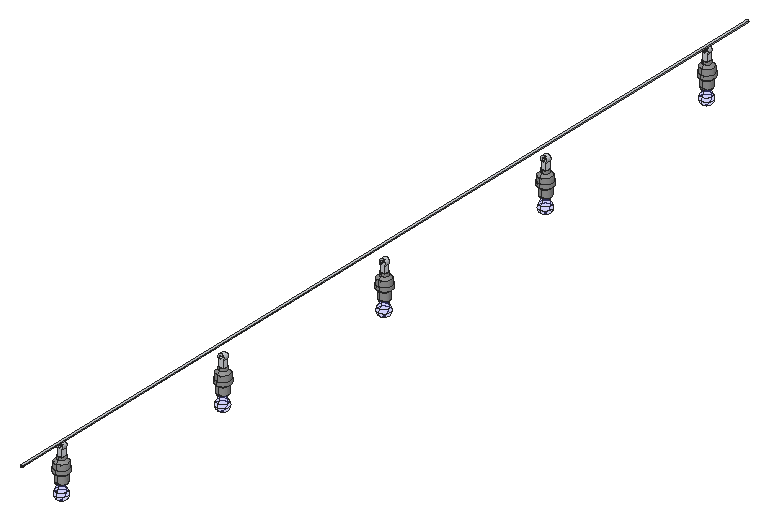
Revit family "String Lighting-18", category Lighting Fixtures, Revit 2014
Parameters
  Wattage = 12.1178 W
  built-in parameter 1150110 = 1 (stored number, unit not read)
  built-in parameter 1114217 = 1 (stored number, unit not read)
  built-in parameter 1150109 = 1 (stored number, unit not read)
  built-in parameter 1150134 = (empty or 0)
  built-in parameter 1150113 = 1 (stored number, unit not read)
  Lumens = 1800 lm
  built-in parameter 1150115 = 1 (stored number, unit not read)
  built-in parameter 1150105 = 572.96 (stored number, unit not read)
  Light Source Symbol Size = 2' - 0"
  built-in parameter 1150137 = (empty or 0)
  built-in parameter 1150139 = (empty or 0)
  built-in parameter 1150112 = 1 (stored number, unit not read)
  built-in parameter 1150114 = 1 (stored number, unit not read)
  built-in parameter 1150132 = 2
  built-in parameter 1150102 = (empty or 0)
  built-in parameter 1150138 = (empty or 0)
  built-in parameter 1150107 = 3000 (stored number, unit not read)
  built-in parameter 1150106 = 5.7296 (stored number, unit not read)
  built-in parameter 1150104 = 13.8 (stored number, unit not read)
  Dimming Lamp Color Temperature Shift = (empty or 0)
  Color Filter = 16777215
  built-in parameter 1114218 = 1 (stored number, unit not read)
  built-in parameter 1150133 = 10 (stored number, unit not read)
Reference planes (in)
  plane 1 "Light Source Axis (F/B)": y = 0
  plane 2: z = 0
  plane 3 "Light Source Axis (L/R)": x = 0
  plane 4 "Light Source Elevation": z = 90
Forms (in)
  Revolve 1, solid, material "Porcelain, Linen"
    sketch origin (-0.00005, -0.00031, -8.25) x (0, 1, 0) y (0, 0, 1)
      loop
        line (0, 94.25) -> (0, 98.25) -> (-0.875, 98.25) -> (-0.875, 97.75) -> (-1.58211, 97.04289) -> (-1.58211, 95.78493) -> (-1.78493, 95.78493) -> (-1.78493, 95.03493)
        arc (-1.78493, 95.03493) -> (-1.40902, 94.90184) -> (-1.25, 94.53615) r 0.5
        line (-1.25, 94.53615) -> (-1.25, 92.73223)
        arc (-1.25, 92.73223) -> (-1.17678, 92.55546) -> (-1, 92.48223) r 0.25
        line (-1, 92.48223) -> (-0.64645, 92.48223) -> (-1, 92.83579) -> (-0.64645, 93.18934) -> (-1, 93.54289) -> (-0.64645, 93.89645) -> (-1, 94.25) -> (0, 94.25)
      axis (0, 92.48223) -> (0, 98.25)
    angle from 0 to 360
  Revolve 2, solid, material "Glass"
    sketch origin (-0.00005, -0.00031, -8.25) x (0, 1, 0) y (0, 0, 1)
      loop
        line (0, 94.25) -> (-0.90625, 94.25) -> (-0.5527, 93.89645) -> (-0.90625, 93.54289) -> (-0.5527, 93.18934) -> (-0.90625, 92.83579) -> (-0.5527, 92.48223)
        arc (-0.5527, 92.48223) -> (-0.87006, 91.62427) -> (-1.32109, 90.82841) r 5.67818
        arc (-1.32109, 90.82841) -> (-1.49349, 90.46891) -> (-1.5527, 90.07463) r 1.3424
        arc (-1.5527, 90.07463) -> (-1.15952, 89.12541) -> (-0.2103, 88.73223) r 1.3424
        line (-0.2103, 88.73223) -> (0, 88.73223) -> (0, 94.25)
      axis (0, 88.73223) -> (0, 94.25)
    angle from 0 to 360
  Extrusion 3, solid
    sketch origin (0, 0, 36) x (1, 0, 0) y (0, 0, 1)
      loop
        line (0.49995, 54) -> (0.49995, 55.69098)
        arc (0.49995, 55.69098) -> (-0.00005, 57) -> (-0.50005, 55.69098) r 0.75
        line (-0.50005, 55.69098) -> (-0.50005, 54) -> (0.49995, 54)
      loop
        circle (-0.00005, 56.25) r 0.375
    from -0.5 to 0.5
  Sweep 4, solid
    path origin (0, 0, 36) x (0, 1, 0) y (0, 0, 1)
      loop
        arc (108, 60.05065) -> (0, 56.25) -> (-108, 60.05065) r 1536.375
    profile origin (0, 0, 92.25) x (0, 0, -1) y (1, 0, 0)
      loop
        circle (0, 0) r 0.25
Dimensions and locks (in)
  aligned and locked: plane 3 "Light Source Axis (L/R)" to imposter light
  aligned and locked: plane 1 "Light Source Axis (F/B)" to imposter light
  aligned and locked: plane 4 "Light Source Elevation" to imposter light
  aligned and locked: level to plane 2
Nested families (in)
  nested 1: "String Lighting" at (0, 48, 0.875), type "String Lighting"
  nested 2: "String Lighting" at (0, 96, 3), type "String Lighting"
  nested 3: "String Lighting" at (0, -48, 0.875), type "String Lighting"
  nested 4: "String Lighting" at (0, -96, 3), type "String Lighting"
Definition of nested family "String Lighting"
  Parameters (values of type "String Lighting")
    Wattage = 12.1178 W
    built-in parameter 1150110 = 1 (stored number, unit not read)
    built-in parameter 1114217 = 1 (stored number, unit not read)
    built-in parameter 1150109 = 1 (stored number, unit not read)
    built-in parameter 1150134 = (empty or 0)
    built-in parameter 1150113 = 1 (stored number, unit not read)
    Lumens = 1800 lm
    built-in parameter 1150115 = 1 (stored number, unit not read)
    built-in parameter 1150105 = 572.96 (stored number, unit not read)
    Light Source Symbol Size = 2' - 0"
    built-in parameter 1150137 = (empty or 0)
    built-in parameter 1150139 = (empty or 0)
    built-in parameter 1150112 = 1 (stored number, unit not read)
    built-in parameter 1150114 = 1 (stored number, unit not read)
    built-in parameter 1150132 = 2
    built-in parameter 1150102 = (empty or 0)
    built-in parameter 1150138 = (empty or 0)
    built-in parameter 1150107 = 3000 (stored number, unit not read)
    built-in parameter 1150106 = 5.7296 (stored number, unit not read)
    built-in parameter 1150104 = 13.8 (stored number, unit not read)
    Dimming Lamp Color Temperature Shift = (empty or 0)
    Color Filter = 16777215
    built-in parameter 1114218 = 1 (stored number, unit not read)
    built-in parameter 1150133 = 10 (stored number, unit not read)
  Reference planes (in)
    plane 1 "Light Source Axis (F/B)": y = 0
    plane 2: z = 0
    plane 3 "Light Source Axis (L/R)": x = 0
    plane 4 "Light Source Elevation": z = 90
  Forms (in)
    Revolve 1, solid, material "Porcelain, Linen"
      sketch origin (-0.00005, -0.00031, -8.25) x (0, 1, 0) y (0, 0, 1)
        loop
          line (0, 94.25) -> (0, 98.25) -> (-0.875, 98.25) -> (-0.875, 97.75) -> (-1.58211, 97.04289) -> (-1.58211, 95.78493) -> (-1.78493, 95.78493) -> (-1.78493, 95.03493)
          arc (-1.78493, 95.03493) -> (-1.40902, 94.90184) -> (-1.25, 94.53615) r 0.5
          line (-1.25, 94.53615) -> (-1.25, 92.73223)
          arc (-1.25, 92.73223) -> (-1.17678, 92.55546) -> (-1, 92.48223) r 0.25
          line (-1, 92.48223) -> (-0.64645, 92.48223) -> (-1, 92.83579) -> (-0.64645, 93.18934) -> (-1, 93.54289) -> (-0.64645, 93.89645) -> (-1, 94.25) -> (0, 94.25)
        axis (0, 92.48223) -> (0, 98.25)
      angle from 0 to 360
    Revolve 2, solid, material "Glass"
      sketch origin (-0.00005, -0.00031, -8.25) x (0, 1, 0) y (0, 0, 1)
        loop
          line (0, 94.25) -> (-0.90625, 94.25) -> (-0.5527, 93.89645) -> (-0.90625, 93.54289) -> (-0.5527, 93.18934) -> (-0.90625, 92.83579) -> (-0.5527, 92.48223)
          arc (-0.5527, 92.48223) -> (-0.87006, 91.62427) -> (-1.32109, 90.82841) r 5.67818
          arc (-1.32109, 90.82841) -> (-1.49349, 90.46891) -> (-1.5527, 90.07463) r 1.3424
          arc (-1.5527, 90.07463) -> (-1.15952, 89.12541) -> (-0.2103, 88.73223) r 1.3424
          line (-0.2103, 88.73223) -> (0, 88.73223) -> (0, 94.25)
        axis (0, 88.73223) -> (0, 94.25)
      angle from 0 to 360
    Extrusion 3, solid
      sketch origin (0, 0, 36) x (1, 0, 0) y (0, 0, 1)
        loop
          line (0.49995, 54) -> (0.49995, 55.69098)
          arc (0.49995, 55.69098) -> (-0.00005, 57) -> (-0.50005, 55.69098) r 0.75
          line (-0.50005, 55.69098) -> (-0.50005, 54) -> (0.49995, 54)
        loop
          circle (-0.00005, 56.25) r 0.375
      from -0.5 to 0.5
  Dimensions and locks (in)
    aligned and locked: plane 3 "Light Source Axis (L/R)" to imposter light
    aligned and locked: plane 1 "Light Source Axis (F/B)" to imposter light
    aligned and locked: plane 4 "Light Source Elevation" to imposter light
    aligned and locked: level to plane 2
